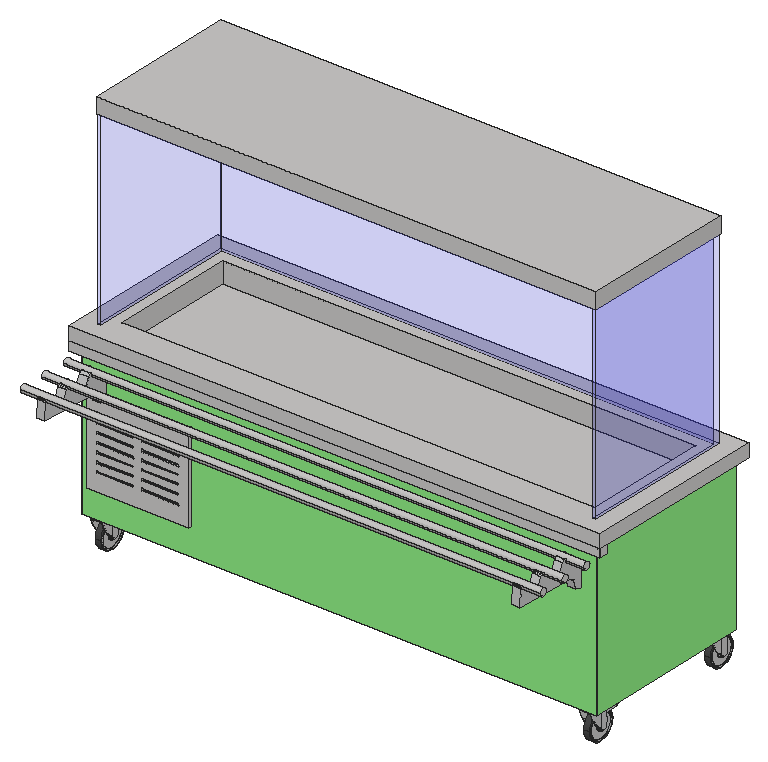
Revit family "QF_BOURGEAT_Self_5GN_et_6GN_vitrine_refrigeree_3nv", category Equipement spécialisé, Revit 2015
Parameters (values of type "6GN_reserve_cuve90_roues")
  reserve = yes
  profondeur_cuve = 90 mm
  lg_vitrine = Longueur hors tout - 135 mm  # 2200 mm
  lg_porte_groupe_froid = 790 mm
  cuve_plate = yes
  URL catalogue = "http://www.bourgeat.fr/fr/"
  URL = ""
  Type de Raccord Electrique = ""
  Type article = ""
  Type Fluide Frigorigène = "R404a"
  Tension = 230 V
  Spécification du Fabricant = "vitrine réfrigérée 3 niveaux OASIS"
  Roues = yes
  Remarques Electricité = ""
  Puissance électrique  = 2700 W
  Puissance frigorifique = "2126W"
  Profondeur hors tout = 820 mm
  Poids net à vide = 380.00 kg
  Pieds = no
  Phase = 2
  Niveau Sonore = "60dBa"
  Nature isolant = "polyurethane"
  Modèle = "853496 + 854950"
  Longueur hors tout = 2335 mm
  Intensité nominale = 11.7391 A
  Indice de protection = "21"
  Hauteur hors tout = 1800 mm
  Fréquence = 50 Hz
  Fabricant = "BOURGEAT"
  Etageres = no
  Contact SAV = "0033(0)4.76.32.14.44"
  Classe_climatique = "3"
  Charge_gaz = ""
  Charge max = 200.00 kg
  Certification = "NF alimentaire"
Reference planes
  plane 1 "Centre (avant/arrière)": y = 0
  plane 2: z = 0
  plane 3 "Centre (gauche/droite)": x = 0
  plane 4: z = 640
  plane 5: x = -100
  plane 6: y = 715
  plane 7: y = 50
  plane 8: z = 515
  plane 9: z = 235
  plane 10: z = 250
  plane 11: z = 808
  plane 12: y = 535.5
Forms (mm)
  Extrusion 1, solid
    sketch origin (0, 0, 0) x (1, 0, 0) y (0, 1, 0)
      loop
        circle (-2231, 535.5) r 10
    from 156.572 to 160
Lines and regions (mm)
  symbolic lines
    curve 1: line (-1321.5, 818, 0) -> (-1321.5, 1334, 0)
    curve 2: line (-237.5, 818, 0) -> (-237.5, 1334, 0)
    curve 3: arc (-1321.5, 1334, 0) -> (-956.633, 1182.867, 0) -> (-805.5, 818, 0) r 516
    curve 4: arc (-753.5, 818, 0) -> (-602.367, 1182.867, 0) -> (-237.5, 1334, 0) r 516
Dimensions and locks
  plane 4 to plane 2 = 640 mm
  locked: nested 1 to plane 6 at 50
  locked: nested 1 to plane 7 at 50
  locked: plane 5 to plane 3 "Centre (gauche/droite)" at 100
  locked: plane 9 to plane 2 at 235
  locked: plane 8 to plane 2 at 515
  locked: plane 10 to plane 2 at 250
  locked: plane 11 to nested 3 at 32
  locked: nested 1 to nested 12 at 63
  locked: nested 14 to nested 12 at 50
  locked: nested 1 to nested 11 at 30
  locked: nested 1 to nested 19 at 20
  locked: nested 19 to plane 2 at 205
  locked: nested 3 to plane 12 at 257
  aligned and locked: level to plane 2
  aligned and locked: nested 1 to nested 2
  aligned and locked: nested 2 to nested 1
  aligned and locked: nested 3 to nested 1
  aligned and locked: nested 1 to nested 3
  aligned and locked: nested 1 to plane 1 "Centre (avant/arrière)"
  aligned and locked: nested 3 to nested 2
  aligned and locked: nested 2 to nested 4
  aligned and locked: nested 4 to nested 1
  aligned and locked: nested 5 to plane 2
  aligned and locked: nested 6 to plane 2
  aligned and locked: nested 7 to plane 2
  aligned and locked: nested 8 to plane 2
  aligned and locked: plane 4 to nested 4
  aligned and locked: nested 2 to nested 3
  aligned and locked: nested 5 to plane 6
  aligned and locked: nested 6 to plane 7
  aligned and locked: nested 7 to plane 6
  aligned and locked: plane 5 to nested 7
  aligned and locked: plane 5 to nested 8
  aligned and locked: nested 8 to plane 7
  aligned and locked: nested 9 to nested 1
  aligned and locked: nested 10 to nested 1
  aligned and locked: nested 10 to plane 8
  aligned and locked: nested 1 to nested 10
  aligned and locked: nested 9 to plane 9
  aligned and locked: nested 1 to nested 9
  aligned and locked: nested 4 to plane 1 "Centre (avant/arrière)"
  aligned and locked: nested 2 to nested 5
  aligned and locked: nested 6 to nested 2
  aligned and locked: plane 3 "Centre (gauche/droite)" to nested 3
  aligned and locked: nested 12 to plane 11
  aligned and locked: nested 1 to nested 12
  aligned and locked: nested 1 to nested 13
  aligned and locked: nested 13 to nested 10
  aligned and locked: nested 13 to nested 1
  aligned and locked: nested 14 to nested 12
  aligned and locked: nested 17 to nested 5
  aligned and locked: nested 6 to nested 17
  aligned and locked: nested 5 to nested 18  (x2)
  aligned and locked: nested 8 to nested 16
  aligned and locked: nested 7 to nested 15  (x2)
  aligned and locked: nested 19 to nested 1
  aligned and locked: nested 11 to nested 1
  aligned and locked: nested 1 to Extrusion 1 sketch curve
  aligned and locked: Extrusion 1 sketch curve to plane 12
Nested families
  nested 1: "corps_meuble" at (-34, 0, 160), type "corps_meuble"
  nested 2: "Ensemble_vitrine" at (-1167.5, 382.5, 900), type "Ensemble_vitrine"
  nested 3: "cuve" at (-1167.5, 382.5, 808), type "cuve_air"
    with profondeur_cuve 90 mm, lg_cuve 2335 mm
  nested 4: "barre_et_console" at (-1167.5, 0, 465) x (-1, 0, 0) z (0, 0, 1), type "barre_et_console"
  nested 5: "pied" at (-2251.5, 715, 0), visible <- "Pieds", type "pied"
  nested 6: "pied" at (-2251.5, 50, 0), visible <- "Pieds", type "pied"
  nested 7: "pied" at (-100, 715, 0), visible <- "Pieds", type "pied"
  nested 8: "pied" at (-100, 50, 0), visible <- "Pieds", type "pied"
  nested 9: "etagere" at (-779.5, 80, 197) x (-1, 0, 0) z (0, 0, 1), type "etagere"
  nested 10: "etagere" at (-779.5, 80, 477) x (-1, 0, 0) z (0, 0, 1), type "etagere"
  nested 11: "grille_condenseur" at (-2046, 0, 60), type "grille_condenseur"
  nested 12: "IHM" at (-2143.5, 765, 770) x (-1, 0, 0) z (0, 0, 1), type "IHM"
  nested 13: "Bloc_porte" at (-779.5, 765, 14) x (-1, 0, 0) z (0, 0, 1), visible <- "reserve", type "Bloc_porte"
  nested 14: "IHM" at (-1904.5, 765, 770) x (-1, 0, 0) z (0, 0, 1), visible <- "reserve", type "IHM"
  nested 15: "roue_ht160" at (-100, 715, 0), visible <- "Roues", type "roue_ht160"
    with Sans frein yes, Avec frein no
  nested 16: "roue_ht160" at (-100, 50, 0), visible <- "Roues", type "roue_ht160"
    with Sans frein yes, Avec frein yes
  nested 17: "roue_ht160" at (-2251.5, 50, 0), visible <- "Roues", type "roue_ht160"
    with Sans frein yes, Avec frein yes
  nested 18: "roue_ht160" at (-2251.5, 715, 0), visible <- "Roues", type "roue_ht160"
    with Sans frein yes, Avec frein no
  nested 19: "porte_groupe_froid" at (-1886, 775, 35), type "lg790"
Connectors
  electrical at (-2231, 535.5, 156.572), driven by "Tension"
    settings: on Extrusion 1, index 1, voltage 230 V, apparent load 0 VA, apparent load phase1 2700 VA, apparent load phase2 0 VA, apparent load phase3 0 VA, power factor 1, load classification "Autre", number of poles 2, system type 30, power factor state 1, is connector primary yes, connector utility no, sub classification motor no, connector description ""
Definition of nested family "corps_meuble"
  Parameters (values of type "corps_meuble")
    lg_ouverture_cuve = lg_meuble - 200 mm  # 2067 mm
    lg_meuble = Largeur_hors_tout - 68 mm  # 2267 mm
    larg_etagere = 1085 mm
    Largeur_hors_tout = 2335 mm
  Reference planes
    plane 1 "Centre (avant/arrière)": y = 0
    plane 2: z = 0
    plane 3 "Centre (gauche/droite)": x = 0
    plane 4: z = 680
    plane 5: x = -1133.5
    plane 6: x = 0
    plane 7: x = -2267
    plane 8: x = -2197
    plane 9: x = -70
    plane 10: x = -1288
    plane 11: x = -203
    plane 12: y = 382.5
    plane 13: x = -2268
    plane 14: y = -1
    plane 15: x = 1
  Forms (mm)
    Extrusion 1, solid
      sketch origin (0, -50.814, 0) x (1, 0, 0) y (0, 1, 0)
        loop
          line (-2267, 815.814) -> (-2267, 50.814) -> (0, 50.814) -> (0, 815.814) -> (-203, 815.814) -> (-203, 130.814) -> (-1288, 130.814) -> (-1288, 815.814) -> (-2267, 815.814)
      from 0 to 680
    Extrusion 2, void
      sketch origin (0, 0, 0) x (1, 0, 0) y (0, 1, 0)
        loop
          line (-2197, 739.99) -> (-2197, 59.99) -> (-70, 59.99) -> (-70, 739.99) -> (-2197, 739.99)
      from 611.642 to 680
    Extrusion 3, solid
      sketch origin (0, 0, 0) x (1, 0, 0) y (0, 1, 0)
        loop
          line (1, -1) -> (1, 0) -> (-2268, 0) -> (-2268, -1) -> (1, -1)
      from 0 to 680
    Extrusion 4, solid
      sketch origin (0, 0, 0) x (1, 0, 0) y (0, 1, 0)
        loop
          line (1, 0) -> (1, 765) -> (0, 765) -> (0, 0) -> (1, 0)
        loop
          line (-2268, 0) -> (-2267, 0) -> (-2267, 765) -> (-2268, 765) -> (-2268, 0)
      from 0 to 680
  Cuts and joins
    Extrusion 2 cuts Extrusion 1
  Dimensions and locks
    locked: plane 4 to plane 2 at 680
    locked: plane 7 to plane 8 at 70
    "lg_meuble": plane 7 to plane 3 "Centre (gauche/droite)"
    equal spacing: plane 7, plane 5, plane 3 "Centre (gauche/droite)"
    locked: plane 11 to plane 3 "Centre (gauche/droite)" at 203
    locked: plane 9 to plane 3 "Centre (gauche/droite)" at 70
    "larg_etagere": plane 10 to plane 11
    locked: plane 3 "Centre (gauche/droite)" to plane 15 at 1
    locked: plane 13 to plane 7 at 1
    aligned and locked: level to plane 2
    aligned and locked: Extrusion 1 sketch curve to Extrusion 1 sketch curve
    aligned and locked: plane 4 to Extrusion 1
    aligned and locked: plane 3 "Centre (gauche/droite)" to plane 6
    aligned and locked: plane 9 to Extrusion 2
    aligned and locked: plane 3 "Centre (gauche/droite)" to cut or joined group of Extrusion 1, Extrusion 2
    aligned and locked: cut or joined group of Extrusion 1, Extrusion 2 to plane 7
    aligned and locked: cut or joined group of Extrusion 1, Extrusion 2 to plane 8
    aligned and locked: plane 10 to cut or joined group of Extrusion 1, Extrusion 2
    aligned and locked: cut or joined group of Extrusion 1, Extrusion 2 to plane 11
    aligned and locked: nested 1 to cut or joined group of Extrusion 1, Extrusion 2
    aligned and locked: plane 11 to nested 1
    aligned and locked: plane 4 to nested 1
    aligned and locked: plane 14 to Extrusion 3 sketch curve
    aligned and locked: Extrusion 3 sketch curve to cut or joined group of Extrusion 1, Extrusion 2
    aligned and locked: plane 13 to Extrusion 3 sketch curve
    aligned and locked: plane 15 to Extrusion 3 sketch curve
    aligned and locked: Extrusion 4 sketch curve to Extrusion 3  (x2)
    aligned and locked: Extrusion 4 sketch curve to cut or joined group of Extrusion 1, Extrusion 2  (x4)
    aligned and locked: Extrusion 4 sketch curve to plane 1 "Centre (avant/arrière)"
    aligned and locked: cut or joined group of Extrusion 1, Extrusion 2 to Extrusion 4 sketch curve
    aligned and locked: Extrusion 4 to Extrusion 3
    aligned and locked: plane 4 to Extrusion 3
  Automatic sketch dimensions
    Extrusion 1 sketch curve to plane 1 "Centre (avant/arrière)" = 0 mm
    Extrusion 1 sketch curve to Extrusion 1 sketch curve = 685 mm
    Extrusion 1 sketch curve to plane 3 "Centre (gauche/droite)" = 0 mm
    Extrusion 1 sketch curve to plane 5 = 154.5 mm
    Extrusion 1 sketch curve to plane 5 = 1133.5 mm
    Extrusion 1 sketch curve to plane 1 "Centre (avant/arrière)" = 80 mm
    Extrusion 1 sketch curve to Extrusion 1 sketch curve = 765 mm
    Extrusion 1 sketch curve to plane 9 = 133 mm
    Extrusion 2 sketch curve to plane 8 = 0 mm
    Extrusion 2 sketch curve to plane 9 = 0 mm
    Extrusion 2 sketch curve to plane 1 "Centre (avant/arrière)" = 59.99 mm
    plane 12 to Extrusion 2 sketch curve = 357.49 mm
  Nested families
    nested 1: "bandeau_h228" at (-745.5, 760, 597), type "bandeau_h228"
  Definition of nested family "bandeau_h228"
    Parameters (values of type "bandeau_h228")
      lg_bandeau = 1085 mm
    Reference planes
      plane 1 "Centre (avant/arrière)": y = 0
      plane 2: z = 0
      plane 3 "Centre (gauche/droite)": x = 0
      plane 4: x = -542.5
      plane 5: x = 542.5
      plane 6: y = 5
      plane 7: z = 83
    Forms (mm)
      Extrusion 1, solid
        sketch origin (476, 10, 0) x (1, 0, 0) y (0, 1, 0)
          loop
            line (-1018.5, -10) -> (66.5, -10) -> (66.5, -5) -> (-1018.5, -5) -> (-1018.5, -10)
        from 0 to 83
    Dimensions and locks
      locked: plane 7 to plane 2 at 83
      locked: plane 1 "Centre (avant/arrière)" to plane 6 at 5
      "lg_bandeau": plane 4 to plane 5
      equal spacing: plane 4, plane 3 "Centre (gauche/droite)", plane 5
      aligned and locked: level to plane 2
      aligned and locked: Extrusion 1 to plane 4
      aligned and locked: plane 5 to Extrusion 1
      aligned and locked: Extrusion 1 to plane 6
      aligned and locked: plane 7 to Extrusion 1
      aligned and locked: plane 1 "Centre (avant/arrière)" to Extrusion 1
    Automatic sketch dimensions
      Extrusion 1 sketch curve to plane 4 = 0 mm
      Extrusion 1 sketch curve to plane 5 = 0 mm
      plane 1 "Centre (avant/arrière)" to Extrusion 1 sketch curve = 0 mm
      Extrusion 1 sketch curve to plane 6 = 0 mm
Definition of nested family "Ensemble_vitrine"
  Parameters (values of type "Ensemble_vitrine")
    lg_vitrine = lg_dessus_vitrine - 4 mm  # 2196 mm
    lg_dessus_vitrine = 2200 mm
  Reference planes
    plane 1 "Centre (avant/arrière)": y = 0
    plane 2: z = 0
    plane 3 "Centre (gauche/droite)": x = 0
    plane 4: x = 1100
    plane 5: x = -1100
    plane 6: z = 900
  Dimensions and locks
    "lg_dessus_vitrine": plane 5 to plane 4
    equal spacing: plane 5, plane 3 "Centre (gauche/droite)", plane 4
    plane 6 to plane 2 = 900 mm
    aligned and locked: level to plane 2
    aligned and locked: plane 3 "Centre (gauche/droite)" to nested 1
    aligned and locked: plane 3 "Centre (gauche/droite)" to nested 2
    aligned and locked: nested 2 to nested 1
    aligned and locked: nested 1 to plane 2
    aligned and locked: plane 6 to nested 2
  Nested families
    nested 1: "Vitrine" at (0, 0, 0), type "Vitrine"
      with lg_vitrine 2196 mm
    nested 2: "Dessus" at (0, 0, 830), type "Dessus"
  Definition of nested family "Vitrine"
    Parameters (values of type "Vitrine")
      lg_vitrine = 2496 mm
    Reference planes
      plane 1 "Centre (avant/arrière)": y = 0
      plane 2: z = 0
      plane 3 "Centre (gauche/droite)": x = 0
      plane 4: y = 340
      plane 5: y = -340
      plane 6: x = 1248
      plane 7: x = -1248
      plane 8: x = 1234
      plane 9: x = -1234
      plane 10: y = 326
      plane 11: z = 830
    Forms (mm)
      Extrusion 1, solid
        sketch origin (0, 0, 0) x (1, 0, 0) y (0, 1, 0)
          loop
            line (-1234, -340) -> (-1234, 326) -> (1234, 326) -> (1234, -340) -> (1248, -340) -> (1248, 340) -> (-1248, 340) -> (-1248, -340) -> (-1234, -340)
        from 0 to 830
    Dimensions and locks
      locked: plane 7 to plane 9 at 14
      locked: plane 4 to plane 10 at 14
      locked: plane 8 to plane 6 at 14
      equal spacing: plane 7, plane 3 "Centre (gauche/droite)", plane 6
      "lg_vitrine": plane 7 to plane 6
      equal spacing: plane 4, plane 1 "Centre (avant/arrière)", plane 5
      plane 4 to plane 5 = 680 mm
      plane 11 to plane 2 = 830 mm
      aligned and locked: level to plane 2
      aligned and locked: plane 9 to Extrusion 1 sketch curve  (x2)
      aligned and locked: Extrusion 1 sketch curve to plane 5  (x2)
      aligned and locked: Extrusion 1 sketch curve to plane 7
      aligned and locked: Extrusion 1 sketch curve to plane 4
      aligned and locked: Extrusion 1 sketch curve to plane 6
      aligned and locked: plane 8 to Extrusion 1 sketch curve
      aligned and locked: Extrusion 1 sketch curve to plane 10
      aligned and locked: plane 11 to Extrusion 1
  Definition of nested family "Dessus"
    Parameters (values of type "Dessus")
      lg_dessus_vitrine = 2200 mm
    Reference planes
      plane 1 "Centre (avant/arrière)": y = 0
      plane 2: z = 0
      plane 3 "Centre (gauche/droite)": x = 0
      plane 4: x = 1100
      plane 5: x = -1100
      plane 6: z = 70
    Forms (mm)
      Extrusion 1, solid
        sketch origin (0, 0, 0) x (1, 0, 0) y (0, 1, 0)
          loop
            line (-1100, 342.5) -> (-1100, -342.5) -> (1100, -342.5) -> (1100, 342.5) -> (-1100, 342.5)
        from 0 to 70
    Dimensions and locks
      equal spacing: plane 5, plane 3 "Centre (gauche/droite)", plane 4
      plane 6 to plane 2 = 70 mm
      "lg_dessus_vitrine": plane 5 to plane 4
      aligned and locked: level to plane 2
      aligned and locked: plane 6 to Extrusion 1
    Automatic sketch dimensions
      Extrusion 1 sketch curve to plane 5 = 0 mm
      Extrusion 1 sketch curve to plane 4 = 0 mm
      Extrusion 1 sketch curve to plane 1 "Centre (avant/arrière)" = 342.5 mm
      plane 1 "Centre (avant/arrière)" to Extrusion 1 sketch curve = 342.5 mm
Definition of nested family "cuve"
  Parameters (values of type "cuve_30")
    profondeur_cuve = 30 mm
    lg_cuve = 2184 mm
  Reference planes
    plane 1 "Centre (avant/arrière)": y = 0
    plane 2: z = 0
    plane 3 "Centre (gauche/droite)": x = 0
    plane 4: y = 410
    plane 5: y = -410
    plane 6: x = -1092
    plane 7: x = 1092
    plane 8: z = 92
    plane 9: y = 277
    plane 10: y = -277
    plane 11: x = 965
    plane 12: x = -965
    plane 13: z = 62
    plane 14: y = -279
    plane 15: x = -967
    plane 16: y = 279
    plane 17: x = 967
    plane 18: z = 32
    plane 19: y = -408
    plane 20: z = 82
    plane 21: z = -4
  Forms (mm)
    Extrusion 1, solid
      sketch origin (12, -10, 0) x (1, 0, 0) y (0, 1, 0)
        loop
          line (-1104, 420) -> (-1104, -400) -> (1080, -400) -> (1080, 420) -> (-1104, 420)
      from 0 to 92
    Extrusion 2, void
      sketch origin (0, 0, 0) x (1, 0, 0) y (0, 1, 0)
        loop
          line (-965, 277) -> (-965, -277) -> (965, -277) -> (965, 277) -> (-965, 277)
      from 62 to 250
    Extrusion 3, void
      sketch origin (0, 0, 0) x (1, 0, 0) y (0, 1, 0)
        loop
          line (-967, 279) -> (-967, -279) -> (967, -279) -> (967, 279) -> (-967, 279)
        loop
          line (-1162, 480) -> (-1162, -480) -> (1162, -480) -> (1162, 480) -> (-1162, 480)
      from 0 to 32
    Extrusion 4, solid
      sketch origin (0, 0, 0) x (1, 0, 0) y (0, 1, 0)
        loop
          line (-1092, -408) -> (-1092, -410) -> (1092, -410) -> (1092, -408) -> (-1092, -408)
      from -4 to 32
    Extrusion 5, solid
      sketch origin (0, 0, 0) x (0, 1, 0) y (0, 0, 1)
        loop
          line (-408, -4) -> (-370, -4) -> (-370, 32) -> (-408, 32) -> (-408, -4)
      from -1092 to 1092
  Cuts and joins
    Extrusion 2, Extrusion 3 cuts Extrusion 1
  Dimensions and locks
    equal spacing: plane 4, plane 1 "Centre (avant/arrière)", plane 5, locked at 410 each
    plane 4 to plane 5 = 820 mm
    equal spacing: plane 6, plane 3 "Centre (gauche/droite)", plane 7
    "lg_cuve": plane 6 to plane 7
    plane 8 to plane 2 = 92 mm
    locked: plane 5 to plane 10 at 133
    locked: plane 4 to plane 9 at 133
    locked: plane 11 to plane 7 at 127
    locked: plane 6 to plane 12 at 127
    locked: plane 16 to plane 9 at 2
    locked: plane 15 to plane 12 at 2
    locked: plane 14 to plane 10 at 2
    locked: plane 11 to plane 17 at 2
    locked: Extrusion 3 sketch curve to plane 6 at 70
    locked: Extrusion 3 sketch curve to plane 5 at 70
    locked: plane 7 to Extrusion 3 sketch curve at 70
    locked: Extrusion 3 sketch curve to plane 4 at 70
    locked: plane 8 to plane 18 at 60
    locked: plane 5 to plane 19 at 2
    locked: plane 21 to plane 18 at 36
    locked: cut or joined group of Extrusion 1, Extrusion 2, Extrusion 3 to cut or joined group of Extrusion 1, Extrusion 2, Extrusion 3 at 554
    "profondeur_cuve": plane 8 to plane 13
    aligned and locked: plane 2 to level
    aligned and locked: plane 6 to Extrusion 1 sketch curve
    aligned and locked: Extrusion 1 sketch curve to plane 7
    aligned and locked: plane 8 to Extrusion 1
    aligned and locked: plane 4 to Extrusion 1
    aligned and locked: plane 5 to Extrusion 1
    aligned and locked: Extrusion 2 sketch curve to plane 9
    aligned and locked: Extrusion 2 sketch curve to plane 12
    aligned and locked: Extrusion 2 sketch curve to plane 10
    aligned and locked: Extrusion 2 sketch curve to plane 11
    aligned and locked: cut or joined group of Extrusion 1, Extrusion 2, Extrusion 3 to plane 13
    aligned and locked: Extrusion 3 sketch curve to plane 16
    aligned and locked: Extrusion 3 sketch curve to plane 15
    aligned and locked: Extrusion 3 sketch curve to plane 14
    aligned and locked: Extrusion 3 sketch curve to plane 17
    aligned and locked: cut or joined group of Extrusion 1, Extrusion 2, Extrusion 3 to plane 18
    aligned and locked: Extrusion 4 sketch curve to plane 19
    aligned and locked: plane 6 to Extrusion 4 sketch curve
    aligned and locked: Extrusion 4 sketch curve to cut or joined group of Extrusion 1, Extrusion 2, Extrusion 3  (x2)
    aligned and locked: cut or joined group of Extrusion 1, Extrusion 2, Extrusion 3 to Extrusion 4
    aligned and locked: plane 18 to Extrusion 5 sketch curve
    aligned and locked: Extrusion 4 to Extrusion 5 sketch curve
    aligned and locked: cut or joined group of Extrusion 1, Extrusion 2, Extrusion 3 to Extrusion 5
    aligned and locked: Extrusion 5 to cut or joined group of Extrusion 1, Extrusion 2, Extrusion 3
    aligned and locked: plane 21 to Extrusion 5 sketch curve
    aligned and locked: Extrusion 4 to Extrusion 5
  Automatic sketch dimensions
    Extrusion 1 sketch curve to plane 5 = 0 mm
    plane 4 to Extrusion 1 sketch curve = 0 mm
    Extrusion 5 sketch curve to plane 5 = 2 mm
    Extrusion 5 sketch curve to Extrusion 5 sketch curve = 38 mm
Definition of nested family "barre_et_console"
  Parameters (values of type "barre_et_console")
    lg_ht = 2335 mm
    lg_barre_console = lg_ht - 44 mm  # 2291 mm
  Reference planes
    plane 1 "Centre (avant/arrière)": y = 0
    plane 2: z = 0
    plane 3 "Centre (gauche/droite)": x = 0
    plane 4: x = -1145.5
    plane 5: x = 1145.5
    plane 6: x = -1045.5
    plane 7: x = 1045.5
    plane 8: z = 320.378
    plane 9: z = 175
  Dimensions and locks
    locked: plane 4 to plane 6 at 100
    locked: plane 7 to plane 5 at 100
    equal spacing: plane 4, plane 3 "Centre (gauche/droite)", plane 5
    "lg_barre_console": plane 4 to plane 5
    aligned and locked: level to plane 2
    aligned and locked: nested 1 to plane 1 "Centre (avant/arrière)"
    aligned and locked: plane 6 to nested 1
    aligned and locked: plane 7 to nested 2
    aligned and locked: plane 5 to nested 3
    aligned and locked: nested 3 to plane 4
    aligned and locked: plane 8 to nested 3
    aligned and locked: plane 9 to nested 1
  Nested families
    nested 1: "console" at (-1045.5, 0, 0) x (0, 1, 0) z (0, 0, 1), type "console"
    nested 2: "console" at (1045.5, 0, 0) x (0, 1, 0) z (0, 0, 1), type "console"
    nested 3: "barre" at (1145.5, 0, 19.415) x (0, 1, 0) z (0, 0, 1), type "barre"
  Definition of nested family "console"
    Reference planes
      plane 1 "Centre (avant/arrière)": y = 0
      plane 2: z = 0
      plane 3 "Centre (gauche/droite)": x = 0
      plane 4: y = 18
      plane 5: y = -18
      plane 6: y = 0
    Forms (mm)
      Extrusion 1, solid
        sketch origin (-12.245, 0, 175) x (1, 0, 0) y (0, 0, 1)
          loop
            line (12.245, 100) -> (12.245, 0) -> (39.579, 4.82) -> (50.894, 44.279)
            arc (50.894, 44.279) -> (55.986, 52.254) -> (64.592, 56.187) r 16.714
            line (64.592, 56.187) -> (348.499, 69.146) -> (343.309, 143.358)
            arc (343.309, 143.358) -> (342.973, 144.595) -> (342.189, 145.609) r 3.292
            line (342.189, 145.609) -> (337.923, 148.439)
            arc (337.923, 148.439) -> (337.371, 148.545) -> (336.906, 148.229) r 0.731
            arc (336.906, 148.229) -> (320.176, 130.386) -> (309.012, 152.149) r 14.958
            arc (309.012, 152.149) -> (308.597, 152.587) -> (308.001, 152.491) r 0.646
            line (308.001, 152.491) -> (297.265, 144.401) -> (278.874, 108.385)
            arc (278.874, 108.385) -> (262.102, 99.164) -> (245.329, 108.385) r 19.864
            line (245.329, 108.385) -> (229.634, 139.188) -> (217.945, 148.321)
            arc (217.945, 148.321) -> (217.306, 148.53) -> (216.976, 147.944) r 0.53
            arc (216.976, 147.944) -> (200.124, 130.629) -> (188.973, 152.064) r 14.905
            arc (188.973, 152.064) -> (188.691, 152.524) -> (188.154, 152.476) r 0.511
            line (188.154, 152.476) -> (177.098, 144.144) -> (158.855, 108.341)
            arc (158.855, 108.341) -> (142.039, 98.901) -> (125.223, 108.341) r 19.698
            line (125.223, 108.341) -> (109.334, 139.526) -> (97.932, 148.434)
            arc (97.932, 148.434) -> (97.187, 148.438) -> (96.994, 147.718) r 0.61
            arc (96.994, 147.718) -> (79.923, 130.663) -> (69.024, 152.192) r 14.902
            arc (69.024, 152.192) -> (68.66, 152.548) -> (68.158, 152.464) r 0.563
            line (68.158, 152.464) -> (57.103, 144.336) -> (39.164, 108.745)
            arc (39.164, 108.745) -> (33.443, 102.448) -> (25.295, 100) r 15.908
            line (25.295, 100) -> (12.245, 100)
        from -18 to 18
    Dimensions and locks
      plane 4 to plane 5 = 36 mm
      equal spacing: plane 4, plane 6, plane 5, locked at 18 each
      aligned and locked: level to plane 2
      aligned and locked: plane 4 to Extrusion 1
      aligned and locked: Extrusion 1 to plane 5
      aligned and locked: plane 6 to plane 1 "Centre (avant/arrière)"
      aligned and locked: Extrusion 1 to plane 3 "Centre (gauche/droite)"
    Automatic sketch dimensions
      Extrusion 1 sketch curve to Extrusion 1 sketch curve = 12.714 mm
      Extrusion 1 sketch curve to Extrusion 1 sketch curve = 13.05 mm
      Extrusion 1 sketch curve to Extrusion 1 sketch curve = 14.206 mm
      Extrusion 1 sketch curve to Extrusion 1 sketch curve = 27.334 mm
      Extrusion 1 sketch curve to Extrusion 1 sketch curve = 11.315 mm
      Extrusion 1 sketch curve to Extrusion 1 sketch curve = 17.938 mm
      Extrusion 1 sketch curve to Extrusion 1 sketch curve = 13.698 mm
      Extrusion 1 sketch curve to Extrusion 1 sketch curve = 16.057 mm
      Extrusion 1 sketch curve to Extrusion 1 sketch curve = 11.055 mm
      Extrusion 1 sketch curve to Extrusion 1 sketch curve = 0.333 mm
      Extrusion 1 sketch curve to Extrusion 1 sketch curve = 13.785 mm
      Extrusion 1 sketch curve to Extrusion 1 sketch curve = 15.28 mm
      Extrusion 1 sketch curve to Extrusion 1 sketch curve = 0.376 mm
      Extrusion 1 sketch curve to Extrusion 1 sketch curve = 11.401 mm
      Extrusion 1 sketch curve to Extrusion 1 sketch curve = 15.89 mm
      Extrusion 1 sketch curve to Extrusion 1 sketch curve = 16.816 mm  (x2)
      Extrusion 1 sketch curve to Extrusion 1 sketch curve = 18.243 mm
      Extrusion 1 sketch curve to Extrusion 1 sketch curve = 11.057 mm
      Extrusion 1 sketch curve to Extrusion 1 sketch curve = 0.308 mm
      Extrusion 1 sketch curve to Extrusion 1 sketch curve = 13.831 mm
      Extrusion 1 sketch curve to Extrusion 1 sketch curve = 15.204 mm
      Extrusion 1 sketch curve to Extrusion 1 sketch curve = 0.447 mm
      Extrusion 1 sketch curve to Extrusion 1 sketch curve = 11.69 mm
      Extrusion 1 sketch curve to Extrusion 1 sketch curve = 15.695 mm
      Extrusion 1 sketch curve to Extrusion 1 sketch curve = 16.772 mm  (x2)
      Extrusion 1 sketch curve to Extrusion 1 sketch curve = 18.391 mm
      Extrusion 1 sketch curve to Extrusion 1 sketch curve = 10.737 mm
      Extrusion 1 sketch curve to Extrusion 1 sketch curve = 0.389 mm
      Extrusion 1 sketch curve to Extrusion 1 sketch curve = 13.868 mm
      Extrusion 1 sketch curve to Extrusion 1 sketch curve = 15.261 mm
      Extrusion 1 sketch curve to Extrusion 1 sketch curve = 0.404 mm
      Extrusion 1 sketch curve to Extrusion 1 sketch curve = 2.506 mm
      Extrusion 1 sketch curve to Extrusion 1 sketch curve = 2.164 mm
      Extrusion 1 sketch curve to Extrusion 1 sketch curve = 1.12 mm
      Extrusion 1 sketch curve to Extrusion 1 sketch curve = 5.189 mm
      Extrusion 1 sketch curve to Extrusion 1 sketch curve = 4.639 mm
      Extrusion 1 sketch curve to Extrusion 1 sketch curve = 55.721 mm
      Extrusion 1 sketch curve to Extrusion 1 sketch curve = 8.745 mm
      Extrusion 1 sketch curve to Extrusion 1 sketch curve = 10.259 mm
      Extrusion 1 sketch curve to Extrusion 1 sketch curve = 10.642 mm
      Extrusion 1 sketch curve to Extrusion 1 sketch curve = 9.133 mm
      Extrusion 1 sketch curve to Extrusion 1 sketch curve = 31.185 mm
      Extrusion 1 sketch curve to Extrusion 1 sketch curve = 35.803 mm
      Extrusion 1 sketch curve to Extrusion 1 sketch curve = 35.592 mm
      Extrusion 1 sketch curve to Extrusion 1 sketch curve = 3.24 mm
      Extrusion 1 sketch curve to Extrusion 1 sketch curve = 2.946 mm
      Extrusion 1 sketch curve to Extrusion 1 sketch curve = 1.042 mm
      Extrusion 1 sketch curve to Extrusion 1 sketch curve = 0.609 mm
      Extrusion 1 sketch curve to Extrusion 1 sketch curve = 8.427 mm
      Extrusion 1 sketch curve to Extrusion 1 sketch curve = 0.286 mm
      Extrusion 1 sketch curve to Extrusion 1 sketch curve = 0.481 mm
      Extrusion 1 sketch curve to Extrusion 1 sketch curve = 0.516 mm
      Extrusion 1 sketch curve to Extrusion 1 sketch curve = 7.674 mm
      Extrusion 1 sketch curve to Extrusion 1 sketch curve = 7.924 mm
      Extrusion 1 sketch curve to Extrusion 1 sketch curve = 0.453 mm
      Extrusion 1 sketch curve to Extrusion 1 sketch curve = 0.408 mm
      Extrusion 1 sketch curve to Extrusion 1 sketch curve = 0.533 mm
      Extrusion 1 sketch curve to Extrusion 1 sketch curve = 0.511 mm
      Extrusion 1 sketch curve to Extrusion 1 sketch curve = 0.622 mm
      Extrusion 1 sketch curve to Extrusion 1 sketch curve = 4.82 mm
      Extrusion 1 sketch curve to Extrusion 1 sketch curve = 34.82 mm
      Extrusion 1 sketch curve to Extrusion 1 sketch curve = 76.232 mm
      Extrusion 1 sketch curve to Extrusion 1 sketch curve = 37.038 mm
      Extrusion 1 sketch curve to Extrusion 1 sketch curve = 39.239 mm
      Extrusion 1 sketch curve to Extrusion 1 sketch curve = 30.803 mm
      Extrusion 1 sketch curve to Extrusion 1 sketch curve = 34.743 mm
      Extrusion 1 sketch curve to Extrusion 1 sketch curve = 0.23 mm
      Extrusion 1 sketch curve to Extrusion 1 sketch curve = 36.015 mm
      Extrusion 1 sketch curve to Extrusion 1 sketch curve = 2.071 mm
      Extrusion 1 sketch curve to Extrusion 1 sketch curve = 7.575 mm
      Extrusion 1 sketch curve to plane 3 "Centre (gauche/droite)" = 0 mm
      level to Extrusion 1 sketch curve = 175 mm
  Definition of nested family "barre"
    Parameters (values of type "barre")
      lg_barre = 2291 mm
    Reference planes
      plane 1 "Centre (avant/arrière)": y = 0
      plane 2: z = 0
      plane 3 "Centre (gauche/droite)": x = 0
      plane 4: x = 70
      plane 5: x = 190
      plane 6: x = 309
      plane 7: z = 300.963
      plane 8: z = 94.658
      plane 9: y = 0
      plane 10: y = 2291
    Forms (mm)
      Extrusion 1, solid
        sketch origin (0, 0, 0) x (1, 0, 0) y (0, 0, 1)
          loop
            circle (70, 300.963) r 15
          loop
            circle (190, 300.963) r 15
          loop
            circle (309, 300.963) r 15
        from 0 to -2291
    Dimensions and locks
      plane 4 to plane 3 "Centre (gauche/droite)" = 70 mm
      plane 6 to plane 5 to plane 4 = 119 mm, 120 mm
      "lg_barre": plane 10 to plane 1 "Centre (avant/arrière)"
      aligned and locked: level to plane 2
      aligned and locked: Extrusion 1 to plane 9
      aligned and locked: plane 9 to plane 1 "Centre (avant/arrière)"
      aligned and locked: plane 10 to Extrusion 1
    Automatic sketch dimensions
      Extrusion 1 sketch curve to plane 4 = 0 mm
      Extrusion 1 sketch curve to plane 5 = 0 mm
      Extrusion 1 sketch curve to plane 6 = 0 mm
      Extrusion 1 sketch curve to plane 7 = 0 mm  (x3)
      radius of Extrusion 1 sketch curve = 15 mm  (x3)
Definition of nested family "pied"
  Reference planes
    plane 1 "Centre (avant/arrière)": y = 0
    plane 2: z = 0
    plane 3 "Centre (gauche/droite)": x = 0
  Forms (mm)
    Revolve 1, solid
      sketch origin (0, 0, 0) x (1, 0, 0) y (0, 0, 1)
        loop
          line (0, 160) -> (-33, 160) -> (-33, 70) -> (-28, 70) -> (-28, 0) -> (0, 0) -> (0, 160)
        axis (0, 160) -> (0, 0)
      angle from 0 to 360
  Dimensions and locks
    plane 3 "Centre (gauche/droite)" to Revolve 1 sketch curve = 28 mm
    Revolve 1 sketch curve to plane 3 "Centre (gauche/droite)" = 33 mm
    Revolve 1 sketch curve to plane 2 = 70 mm
    Revolve 1 sketch curve to Revolve 1 sketch curve = 90 mm
    aligned and locked: level to plane 2
Definition of nested family "etagere"
  Parameters (values of type "etagere")
    lg_etagere = 1085 mm
  Reference planes
    plane 1 "Centre (avant/arrière)": y = 0
    plane 2: z = 0
    plane 3 "Centre (gauche/droite)": x = 0
    plane 4: y = -625
    plane 5: y = -623
    plane 6: y = -2
    plane 7: x = 0
  Forms (mm)
    Extrusion 1, solid
      sketch origin (0, 0, 0) x (0, 1, 0) y (0, 0, 1)
        loop
          line (0, 119.481) -> (-2, 119.481) -> (-2, 40) -> (-625, 40) -> (-625, 0) -> (-623, 0) -> (-623, 38) -> (0, 38) -> (0, 119.481)
      from -542.5 to 542.5
  Dimensions and locks
    locked: plane 6 to plane 1 "Centre (avant/arrière)" at 2
    locked: plane 4 to plane 5 at 2
    plane 4 to plane 1 "Centre (avant/arrière)" = 625 mm
    equal spacing: Extrusion 1, plane 7, Extrusion 1
    "lg_etagere": Extrusion 1 to Extrusion 1
    aligned and locked: level to plane 2
    aligned and locked: plane 2 to Extrusion 1 sketch curve
    aligned and locked: plane 1 "Centre (avant/arrière)" to Extrusion 1 sketch curve
    aligned and locked: plane 4 to Extrusion 1
    aligned and locked: plane 5 to Extrusion 1
    aligned and locked: Extrusion 1 to plane 6
    aligned and locked: plane 3 "Centre (gauche/droite)" to plane 7
  Automatic sketch dimensions
    Extrusion 1 sketch curve to plane 4 = 0 mm
    Extrusion 1 sketch curve to plane 5 = 0 mm
    Extrusion 1 sketch curve to plane 6 = 0 mm
    level to Extrusion 1 sketch curve = 38 mm
    Extrusion 1 sketch curve to Extrusion 1 sketch curve = 2 mm
    Extrusion 1 sketch curve to Extrusion 1 sketch curve = 79.481 mm
Definition of nested family "grille_condenseur"
  Reference planes
    plane 1 "Centre (avant/arrière)": y = 0
    plane 2: z = 0
    plane 3 "Centre (gauche/droite)": x = 0
    plane 4: z = 216
    plane 5: z = 611
    plane 6: x = 225
    plane 7: x = -225
    plane 8: y = -10
  Forms (mm)
    Extrusion 1, solid
      sketch origin (0, 0, 0) x (1, 0, 0) y (0, 0, 1)
        loop
          line (-225, 611) -> (-225, 216) -> (225, 216) -> (225, 611) -> (-225, 611)
      from 0 to 10
    Extrusion 2, void
      sketch origin (0, 0, 0) x (1, 0, 0) y (0, 0, 1)
        loop
          line (-181.82, 530.933) -> (-181.82, 520.933) -> (-16.82, 520.933) -> (-16.82, 530.933) -> (-181.82, 530.933)
        loop
          line (-181.82, 493.267) -> (-181.82, 482.363) -> (-16.82, 482.363) -> (-16.82, 493.267) -> (-181.82, 493.267)
        loop
          line (-181.82, 454.697) -> (-181.82, 443.793) -> (-16.82, 443.793) -> (-16.82, 454.697) -> (-181.82, 454.697)
        loop
          line (-181.82, 416.126) -> (-181.82, 405.223) -> (-16.82, 405.223) -> (-16.82, 416.126) -> (-181.82, 416.126)
        loop
          line (-181.82, 377.556) -> (-181.82, 366.653) -> (-16.82, 366.653) -> (-16.82, 377.556) -> (-181.82, 377.556)
        loop
          line (-181.82, 338.986) -> (-181.82, 328.083) -> (-16.82, 328.083) -> (-16.82, 338.986) -> (-181.82, 338.986)
        loop
          line (-181.82, 300.416) -> (-181.82, 289.513) -> (-16.82, 289.513) -> (-16.82, 300.416) -> (-181.82, 300.416)
        loop
          line (181.82, 530.933) -> (16.82, 530.933) -> (16.82, 520.933) -> (181.82, 520.933) -> (181.82, 530.933)
        loop
          line (181.82, 493.267) -> (16.82, 493.267) -> (16.82, 482.363) -> (181.82, 482.363) -> (181.82, 493.267)
        loop
          line (181.82, 454.697) -> (16.82, 454.697) -> (16.82, 443.793) -> (181.82, 443.793) -> (181.82, 454.697)
        loop
          line (181.82, 416.126) -> (16.82, 416.126) -> (16.82, 405.223) -> (181.82, 405.223) -> (181.82, 416.126)
        loop
          line (181.82, 377.556) -> (16.82, 377.556) -> (16.82, 366.653) -> (181.82, 366.653) -> (181.82, 377.556)
        loop
          line (181.82, 338.986) -> (16.82, 338.986) -> (16.82, 328.083) -> (181.82, 328.083) -> (181.82, 338.986)
        loop
          line (181.82, 300.416) -> (16.82, 300.416) -> (16.82, 289.513) -> (181.82, 289.513) -> (181.82, 300.416)
      from 0 to 250
  Cuts and joins
    Extrusion 2 cuts Extrusion 1
  Dimensions and locks
    locked: plane 4 to plane 2 at 216
    locked: plane 5 to plane 4 at 395
    Extrusion 2 sketch curve to Extrusion 2 sketch curve = 10 mm
    Extrusion 2 sketch curve to Extrusion 2 sketch curve = 10.903 mm
    aligned and locked: level to plane 2
    aligned and locked: Extrusion 1 sketch curve to plane 5
    aligned and locked: Extrusion 1 sketch curve to plane 7
    aligned and locked: plane 4 to Extrusion 1 sketch curve
    aligned and locked: Extrusion 1 sketch curve to plane 6
    aligned and locked: cut or joined group of Extrusion 1, Extrusion 2 to plane 8
Definition of nested family "IHM"
  Reference planes
    plane 1 "Centre (avant/arrière)": y = 0
    plane 2: z = 0
    plane 3 "Centre (gauche/droite)": x = 0
    plane 4: y = -10
    plane 5: y = -13
  Forms (mm)
    Extrusion 1, solid
      sketch origin (-374.736, 0, -402) x (1, 0, 0) y (0, 0, 1)
        loop
          line (280.236, 402) -> (469.236, 402) -> (469.236, 440) -> (280.236, 440) -> (280.236, 402)
      from 0 to 10
    Extrusion 2, solid
      sketch origin (0, 0, 0) x (1, 0, 0) y (0, 0, 1)
        loop
          line (-89.496, 32.01) -> (-89.496, 7.01) -> (90.504, 7.01) -> (90.504, 32.01) -> (-89.496, 32.01)
      from 10 to 13
  Dimensions and locks
    plane 4 to plane 1 "Centre (avant/arrière)" = 10 mm
    aligned and locked: level to plane 2
    aligned and locked: Extrusion 1 to plane 4
    aligned and locked: Extrusion 2 to plane 5
    aligned and locked: plane 4 to Extrusion 2
Definition of nested family "Bloc_porte"
  Parameters (values of type "Bloc_porte")
    lg_ht = 1500 mm
    lg_bloc_porte = 1084 mm
  Reference planes
    plane 1 "Centre (avant/arrière)": y = 0
    plane 2: z = 0
    plane 3 "Centre (gauche/droite)": x = 0
    plane 4: x = 26
    plane 5: x = -26
    plane 6: x = 542
    plane 7: x = -542
    plane 8: z = 189
    plane 9: z = 743
    plane 10: y = 10
    plane 11: y = -53
  Forms (mm)
    Extrusion 1, solid
      sketch origin (0, 0, 0) x (1, 0, 0) y (0, 1, 0)
        loop
          line (-26, 10) -> (-26, 0) -> (26, 0) -> (26, 10) -> (-26, 10)
      from 189 to 743
    Extrusion 2, solid
      sketch origin (0, 0, 0) x (1, 0, 0) y (0, 1, 0)
        loop
          line (-542, 0) -> (-542, -53) -> (-26, -53) -> (-26, 0) -> (-542, 0)
        loop
          line (26, -53) -> (542, -53) -> (542, 0) -> (26, 0) -> (26, -53)
      from 189 to 743
  Dimensions and locks
    equal spacing: plane 7, plane 3 "Centre (gauche/droite)", plane 6
    locked: plane 5 to plane 3 "Centre (gauche/droite)" at 26
    locked: plane 4 to plane 3 "Centre (gauche/droite)" at 26
    locked: plane 8 to plane 2 at 189
    locked: plane 9 to plane 8 at 554
    "lg_bloc_porte": plane 7 to plane 6
    aligned and locked: level to plane 2
    aligned and locked: Extrusion 1 sketch curve to plane 10
    aligned and locked: Extrusion 1 sketch curve to plane 5
    aligned and locked: Extrusion 1 sketch curve to plane 1 "Centre (avant/arrière)"
    aligned and locked: Extrusion 1 sketch curve to plane 4
    aligned and locked: Extrusion 2 sketch curve to plane 11
    aligned and locked: Extrusion 2 sketch curve to plane 4
    aligned and locked: Extrusion 2 sketch curve to plane 1 "Centre (avant/arrière)"
    aligned and locked: plane 6 to Extrusion 2 sketch curve
    aligned and locked: plane 5 to Extrusion 2 sketch curve
    aligned and locked: plane 11 to Extrusion 2 sketch curve
    aligned and locked: plane 1 "Centre (avant/arrière)" to Extrusion 2 sketch curve
    aligned and locked: Extrusion 2 sketch curve to plane 7
    aligned and locked: plane 9 to Extrusion 2
    aligned and locked: Extrusion 2 to plane 8
    aligned and locked: plane 7 to Extrusion 2
    aligned and locked: plane 6 to Extrusion 2
    aligned and locked: Extrusion 2 to plane 4
    aligned and locked: Extrusion 2 to plane 5
    aligned and locked: Extrusion 1 to plane 8
    aligned and locked: plane 9 to Extrusion 1
Definition of nested family "roue_ht160"
  Parameters (values of type "roue_ht160")
    Sans frein [instance] = yes
    Avec frein [instance] = yes
  Reference planes
    plane 1 "Centre (avant/arrière)": y = 0
    plane 2: z = 0
    plane 3 "Centre (gauche/droite)": x = 0
    plane 4: y = 40.851
    plane 5: z = 62.5
  Forms (mm)
    Extrusion 1, solid
      sketch origin (0, 0, 0) x (0, 1, 0) y (0, 0, 1)
        loop
          circle (40.851, 62.5) r 62.5
        loop
          circle (40.851, 62.5) r 57.5
      from -12.5 to 12.5
    Revolve 2, solid
      sketch origin (0, 0, 0) x (0, 1, 0) y (0, 0, 1)
        loop
          line (0, 160.21) -> (-20.149, 160.21) -> (-20.149, 159.41) -> (-21.6, 159.41)
          arc (-21.6, 159.41) -> (-24.448, 158.65) -> (-26.537, 156.572) r 5.712
          line (-26.537, 156.572) -> (-30.146, 147.743) -> (-26.999, 147.062) -> (-26.999, 146.112)
          arc (-26.999, 146.112) -> (-27.23, 145.314) -> (-27.849, 144.761) r 1.5
          arc (-27.849, 144.761) -> (-29.223, 143.633) -> (-29.923, 142) r 3.75
          line (-29.923, 142) -> (0, 142) -> (0, 160.21)
        axis (0, 160.21) -> (0, 142)
      angle from 0 to 360
    Extrusion 3, solid
      sketch origin (0, 0, 0) x (0, 1, 0) y (0, 0, -1)
        loop
          line (-29.974, -138.241) -> (-29.974, -142) -> (21.747, -142) -> (21.747, -60.336)
          arc (21.747, -60.336) -> (10.272, -70.702) -> (-0.149, -82.127) r 160.057
          arc (-0.149, -82.127) -> (-17.883, -108.684) -> (-29.974, -138.241) r 159.585
      from -24.913 to -23.038
    Extrusion 4, solid
      sketch origin (0, 0, 0) x (0, 1, 0) y (0, 0, 1)
        loop
          line (-29.974, 142) -> (-29.974, 140.869) -> (21.747, 140.869) -> (21.747, 142) -> (-29.974, 142)
      from -23.038 to 23.038
    Extrusion 5, solid
      sketch origin (0, 0, 0) x (0, 1, 0) y (0, 0, 1)
        loop
          circle (40.851, 62.5) r 57.5
        loop
          circle (40.851, 62.5) r 55
      from -12.5 to 12.5
    Extrusion 6, solid
      sketch origin (0, 0, 0) x (0, 1, 0) y (0, 0, 1)
        loop
          circle (40.851, 62.5) r 55
      from -7 to 7
    Extrusion 7, solid
      sketch origin (0, 0, 0) x (0, 1, 0) y (0, 0, 1)
        loop
          circle (40.851, 62.5) r 21
      from 7 to 15
    Extrusion 8, solid
      sketch origin (0, 0, 0) x (0, 1, 0) y (0, 0, -1)
        loop
          circle (40.851, -62.5) r 16
      from -23.038 to -15
    Extrusion 9, solid, visible <- "Sans frein"
      sketch origin (0, 0, 0) x (0, 1, 0) y (0, 0, 1)
        loop
          arc (21.747, 60.336) -> (23.188, 59.17) -> (24.642, 58.02) r 161.23
          arc (24.642, 58.02) -> (29.34, 54.513) -> (34.187, 51.216) r 133.333
          arc (34.187, 51.216) -> (46.517, 50.3) -> (53.927, 60.198) r 12.867
          arc (53.927, 60.198) -> (54.714, 99.183) -> (46.119, 137.216) r 161.222
          arc (46.119, 137.216) -> (45.679, 138.887) -> (45.531, 140.609) r 10.076
          line (45.531, 140.609) -> (45.531, 142) -> (21.747, 142) -> (21.747, 60.336)
      from 23.038 to 24.913
    Extrusion 10, solid, visible <- "Sans frein"
      sketch origin (0, 0, 0) x (0, 1, 0) y (0, 0, 1)
        loop
          line (21.747, 142) -> (21.747, 140.701) -> (48.851, 140.701) -> (48.851, 142) -> (21.747, 142)
      from -23.038 to 23.038
    Extrusion 11, solid, visible <- "Avec frein"
      sketch origin (0, 0, 0) x (0, 1, 0) y (0, 0, 1)
        loop
          line (21.747, 142) -> (21.747, 60.336)
          arc (21.747, 60.336) -> (23.177, 59.179) -> (24.62, 58.038) r 160.008
          arc (24.62, 58.038) -> (29.041, 54.705) -> (33.574, 51.527) r 160
          arc (33.574, 51.527) -> (46.135, 50.422) -> (53.724, 60.491) r 13
          arc (53.724, 60.491) -> (55.279, 82.092) -> (53.902, 103.704) r 160
          arc (53.902, 103.704) -> (55.53, 108.653) -> (60.415, 110.463) r 6
          arc (60.415, 110.463) -> (80.625, 109.924) -> (100.725, 112.107) r 150
          arc (100.725, 112.107) -> (104.408, 113.406) -> (107.479, 115.819) r 12
          line (107.479, 115.819) -> (110.851, 121.523)
          arc (110.851, 121.523) -> (85.913, 134.651) -> (58.706, 142) r 127.902
          line (58.706, 142) -> (21.747, 142)
      from 23.038 to 24.913
    Extrusion 12, solid, visible <- "Avec frein"
      sketch origin (0, 0, 0) x (0, 1, 0) y (0, 0, 1)
        loop
          line (58.706, 142) -> (21.747, 142) -> (21.747, 140) -> (58.552, 140)
          arc (58.552, 140) -> (85.253, 132.762) -> (109.73, 119.866) r 125.902
          line (109.73, 119.866) -> (110.851, 121.523)
          arc (110.851, 121.523) -> (85.913, 134.651) -> (58.706, 142) r 127.902
      from -23.038 to 23.038
    Extrusion 13, solid, visible <- "Avec frein"
      sketch origin (0, 19.896, 18.175) x (0, 1, 0) y (0, 0, 1)
        loop
          line (87.583, 97.644) -> (91.829, 95.227)
          arc (91.829, 95.227) -> (93.8, 95.006) -> (95.312, 96.29) r 2.5
          arc (95.312, 96.29) -> (103.495, 100.002) -> (111.176, 104.666) r 74.999
          line (111.176, 104.666) -> (110.852, 105.929)
          arc (110.852, 105.929) -> (110.04, 107.086) -> (108.666, 107.417) r 2
          arc (108.666, 107.417) -> (101.396, 105.849) -> (94.512, 103.034) r 42.354
          line (94.512, 103.034) -> (93.479, 101.228) -> (93.285, 100.414) -> (91.69, 101.675) -> (90.401, 102.412) -> (87.583, 97.644)
      from -23.038 to 23.038
    Extrusion 14, solid, not visible
      sketch origin (0, 0, 0) x (0, 1, 0) y (0, 0, -1)
        loop
          line (-29.974, -138.241) -> (-29.974, -142) -> (21.747, -142) -> (21.747, -60.336)
          arc (21.747, -60.336) -> (10.272, -70.702) -> (-0.149, -82.127) r 160.057
          arc (-0.149, -82.127) -> (-17.883, -108.684) -> (-29.974, -138.241) r 159.585
      from -24.913 to -23.038
    Extrusion 15, solid, not visible
      sketch origin (0, 0, 0) x (0, 1, 0) y (0, 0, 1)
        loop
          circle (40.851, 62.5) r 21
      from 7 to 15
    Extrusion 16, solid, not visible
      sketch origin (0, 0, 0) x (0, 1, 0) y (0, 0, -1)
        loop
          circle (40.851, -62.5) r 16
      from -23.038 to -15
    Extrusion 17, solid, visible <- "Sans frein", not visible
      sketch origin (0, 0, 0) x (0, 1, 0) y (0, 0, 1)
        loop
          arc (21.747, 60.336) -> (23.188, 59.17) -> (24.642, 58.02) r 161.23
          arc (24.642, 58.02) -> (29.34, 54.513) -> (34.187, 51.216) r 133.333
          arc (34.187, 51.216) -> (46.517, 50.3) -> (53.927, 60.198) r 12.867
          arc (53.927, 60.198) -> (54.714, 99.183) -> (46.119, 137.216) r 161.222
          arc (46.119, 137.216) -> (45.679, 138.887) -> (45.531, 140.609) r 10.076
          line (45.531, 140.609) -> (45.531, 142) -> (21.747, 142) -> (21.747, 60.336)
      from 23.038 to 24.913
    Extrusion 18, solid, visible <- "Avec frein", not visible
      sketch origin (0, 0, 0) x (0, 1, 0) y (0, 0, 1)
        loop
          line (21.747, 142) -> (21.747, 60.336)
          arc (21.747, 60.336) -> (23.177, 59.179) -> (24.62, 58.038) r 160.008
          arc (24.62, 58.038) -> (29.041, 54.705) -> (33.574, 51.527) r 160
          arc (33.574, 51.527) -> (46.135, 50.422) -> (53.724, 60.491) r 13
          arc (53.724, 60.491) -> (55.279, 82.092) -> (53.902, 103.704) r 160
          arc (53.902, 103.704) -> (55.53, 108.653) -> (60.415, 110.463) r 6
          arc (60.415, 110.463) -> (80.625, 109.924) -> (100.725, 112.107) r 150
          arc (100.725, 112.107) -> (104.408, 113.406) -> (107.479, 115.819) r 12
          line (107.479, 115.819) -> (110.851, 121.523)
          arc (110.851, 121.523) -> (85.913, 134.651) -> (58.706, 142) r 127.902
          line (58.706, 142) -> (21.747, 142)
      from 23.038 to 24.913
    Extrusion 19, solid
      sketch origin (0, 0, 0) x (0, -1, 0) y (0, 0, -1)
        loop
          arc (29.974, -138.241) -> (17.883, -108.684) -> (0.149, -82.127) r 159.585
          arc (0.149, -82.127) -> (-10.272, -70.702) -> (-21.747, -60.336) r 160.057
          line (-21.747, -60.336) -> (-21.747, -142) -> (29.974, -142) -> (29.974, -138.241)
      from -24.913 to -23.038
    Extrusion 20, solid
      sketch origin (0, 0, 0) x (0, -1, 0) y (0, 0, 1)
        loop
          circle (-40.851, 62.5) r 21
      from 7 to 15
    Extrusion 21, solid
      sketch origin (0, 0, 0) x (0, -1, 0) y (0, 0, -1)
        loop
          circle (-40.851, -62.5) r 16
      from -23.038 to -15
    Extrusion 22, solid, visible <- "Sans frein"
      sketch origin (0, 0, 0) x (0, -1, 0) y (0, 0, 1)
        loop
          line (-21.747, 60.336) -> (-21.747, 142) -> (-45.531, 142) -> (-45.531, 140.609)
          arc (-45.531, 140.609) -> (-45.679, 138.887) -> (-46.119, 137.216) r 10.076
          arc (-46.119, 137.216) -> (-54.714, 99.183) -> (-53.927, 60.198) r 161.222
          arc (-53.927, 60.198) -> (-46.517, 50.3) -> (-34.187, 51.216) r 12.867
          arc (-34.187, 51.216) -> (-29.34, 54.513) -> (-24.642, 58.02) r 133.333
          arc (-24.642, 58.02) -> (-23.188, 59.17) -> (-21.747, 60.336) r 161.23
      from 23.038 to 24.913
    Extrusion 23, solid, visible <- "Avec frein"
      sketch origin (0, 0, 0) x (0, -1, 0) y (0, 0, 1)
        loop
          line (-21.747, 142) -> (-58.706, 142)
          arc (-58.706, 142) -> (-85.913, 134.651) -> (-110.851, 121.523) r 127.902
          line (-110.851, 121.523) -> (-107.479, 115.819)
          arc (-107.479, 115.819) -> (-104.408, 113.406) -> (-100.725, 112.107) r 12
          arc (-100.725, 112.107) -> (-80.625, 109.924) -> (-60.415, 110.463) r 150
          arc (-60.415, 110.463) -> (-55.53, 108.653) -> (-53.902, 103.704) r 6
          arc (-53.902, 103.704) -> (-55.279, 82.092) -> (-53.724, 60.491) r 160
          arc (-53.724, 60.491) -> (-46.135, 50.422) -> (-33.574, 51.527) r 13
          arc (-33.574, 51.527) -> (-29.041, 54.705) -> (-24.62, 58.038) r 160
          arc (-24.62, 58.038) -> (-23.177, 59.179) -> (-21.747, 60.336) r 160.008
          line (-21.747, 60.336) -> (-21.747, 142)
      from 23.038 to 24.913
  Dimensions and locks
    aligned and locked: level to plane 2
Definition of nested family "porte_groupe_froid"
  Parameters (values of type "lg790")
    lg_porte_groupe_froid = 790 mm
  Reference planes
    plane 1 "Centre (avant/arrière)": y = 0
    plane 2: z = 0
    plane 3 "Centre (gauche/droite)": x = 0
    plane 4: z = 170
    plane 5: z = 644
    plane 6: x = 395
    plane 7: x = -395
    plane 8: y = -10
    plane 9: z = 231.5
    plane 10: z = 253
    plane 11: y = -20
    plane 12: x = -360
    plane 13: x = 360
    plane 14: z = 269.5
    plane 15: z = 291
    plane 16: z = 307.5
    plane 17: z = 329
    plane 18: z = 345.5
    plane 19: z = 367
    plane 20: z = 383.5
    plane 21: z = 405
    plane 22: z = 421.5
    plane 23: z = 443
    plane 24: z = 459.5
    plane 25: z = 481
    plane 26: z = 497.5
    plane 27: z = 519
    plane 28: z = 535.5
    plane 29: z = 557
    plane 30: z = 573.5
    plane 31: z = 595
    plane 32: z = 611.5
    plane 33: z = 633
  Forms (mm)
    Extrusion 1, solid
      sketch origin (0, 0, 0) x (1, 0, 0) y (0, 0, 1)
        loop
          line (-395, 644) -> (-395, 170) -> (395, 170) -> (395, 644) -> (-395, 644)
      from 0 to 10
    Extrusion 2, void
      sketch origin (0, 0, 0) x (1, 0, 0) y (0, 0, 1)
        loop
          line (-360, 231.5) -> (360, 231.5) -> (360, 253) -> (-360, 253) -> (-360, 231.5)
      from 0 to 250
    Extrusion 3, void
      sketch origin (0, 0, 38) x (1, 0, 0) y (0, 0, 1)
        loop
          line (-360, 231.5) -> (360, 231.5) -> (360, 253) -> (-360, 253) -> (-360, 231.5)
      from 0 to 250
    Extrusion 4, void
      sketch origin (0, 0, 76) x (1, 0, 0) y (0, 0, 1)
        loop
          line (-360, 231.5) -> (360, 231.5) -> (360, 253) -> (-360, 253) -> (-360, 231.5)
      from 0 to 250
    Extrusion 5, void
      sketch origin (0, 0, 114) x (1, 0, 0) y (0, 0, 1)
        loop
          line (-360, 231.5) -> (360, 231.5) -> (360, 253) -> (-360, 253) -> (-360, 231.5)
      from 0 to 250
    Extrusion 6, void
      sketch origin (0, 0, 152) x (1, 0, 0) y (0, 0, 1)
        loop
          line (-360, 231.5) -> (360, 231.5) -> (360, 253) -> (-360, 253) -> (-360, 231.5)
      from 0 to 250
    Extrusion 7, void
      sketch origin (0, 0, 190) x (1, 0, 0) y (0, 0, 1)
        loop
          line (-360, 231.5) -> (360, 231.5) -> (360, 253) -> (-360, 253) -> (-360, 231.5)
      from 0 to 250
    Extrusion 8, void
      sketch origin (0, 0, 228) x (1, 0, 0) y (0, 0, 1)
        loop
          line (-360, 231.5) -> (360, 231.5) -> (360, 253) -> (-360, 253) -> (-360, 231.5)
      from 0 to 250
    Extrusion 9, void
      sketch origin (0, 0, 266) x (1, 0, 0) y (0, 0, 1)
        loop
          line (-360, 231.5) -> (360, 231.5) -> (360, 253) -> (-360, 253) -> (-360, 231.5)
      from 0 to 250
    Extrusion 10, void
      sketch origin (0, 0, 304) x (1, 0, 0) y (0, 0, 1)
        loop
          line (-360, 231.5) -> (360, 231.5) -> (360, 253) -> (-360, 253) -> (-360, 231.5)
      from 0 to 250
    Extrusion 11, void
      sketch origin (0, 0, 342) x (1, 0, 0) y (0, 0, 1)
        loop
          line (-360, 231.5) -> (360, 231.5) -> (360, 253) -> (-360, 253) -> (-360, 231.5)
      from 0 to 250
    Extrusion 12, void
      sketch origin (0, 0, 380) x (1, 0, 0) y (0, 0, 1)
        loop
          line (-360, 231.5) -> (360, 231.5) -> (360, 253) -> (-360, 253) -> (-360, 231.5)
      from 0 to 250
  Cuts and joins
    Extrusion 2, Extrusion 3, Extrusion 4, Extrusion 5, Extrusion 6, Extrusion 7, Extrusion 8, Extrusion 9, Extrusion 10, Extrusion 11, Extrusion 12 cuts Extrusion 1
  Dimensions and locks
    plane 4 to plane 2 = 170 mm
    locked: plane 5 to plane 4 at 474
    "lg_porte_groupe_froid": plane 7 to plane 6
    plane 8 to plane 1 "Centre (avant/arrière)" = 10 mm
    plane 9 to plane 4 = 61.5 mm
    plane 8 to plane 11 = 10 mm
    equal spacing: plane 7, plane 3 "Centre (gauche/droite)", plane 6
    locked: plane 6 to plane 13 at 35
    locked: plane 12 to plane 7 at 35
    aligned and locked: level to plane 2
    aligned and locked: Extrusion 1 sketch curve to plane 5
    aligned and locked: Extrusion 1 sketch curve to plane 7
    aligned and locked: plane 4 to Extrusion 1 sketch curve
    aligned and locked: Extrusion 1 sketch curve to plane 6
    aligned and locked: Extrusion 1 to plane 8
    aligned and locked: Extrusion 2 sketch curve to plane 9
    aligned and locked: Extrusion 2 sketch curve to plane 10
    aligned and locked: plane 13 to cut or joined group 1 (Extrusion 1, Extrusion 2, Extrusion 3, Extrusion 4, Extrusion 5, Extrusion 6, Extrusion 7, Extrusion 8, Extrusion 9, Extrusion 10, Extrusion 11, Extrusion 12)  (x11)
    aligned and locked: cut or joined group 1 to plane 13  (x3)
    aligned and locked: cut or joined group 1 to plane 12  (x5)
    aligned and locked: Extrusion 3 sketch curve to plane 14
    aligned and locked: Extrusion 3 sketch curve to plane 15
    aligned and locked: Extrusion 4 sketch curve to plane 16
    aligned and locked: Extrusion 4 sketch curve to plane 17
    aligned and locked: Extrusion 5 sketch curve to plane 18
    aligned and locked: Extrusion 5 sketch curve to plane 19
    aligned and locked: Extrusion 6 sketch curve to plane 20
    aligned and locked: Extrusion 6 sketch curve to plane 21
    aligned and locked: Extrusion 7 sketch curve to plane 22
    aligned and locked: Extrusion 7 sketch curve to plane 23
    aligned and locked: Extrusion 8 sketch curve to plane 24
    aligned and locked: Extrusion 8 sketch curve to plane 25
    aligned and locked: Extrusion 9 sketch curve to plane 26
    aligned and locked: Extrusion 9 sketch curve to plane 27
    aligned and locked: Extrusion 10 sketch curve to plane 28
    aligned and locked: Extrusion 10 sketch curve to plane 29
    aligned and locked: Extrusion 11 sketch curve to plane 30
    aligned and locked: Extrusion 11 sketch curve to plane 31
    aligned and locked: Extrusion 12 sketch curve to plane 32
    aligned and locked: Extrusion 12 sketch curve to plane 33
    aligned and locked: plane 12 to cut or joined group 1
  Automatic sketch dimensions
    Extrusion 2 sketch curve to Extrusion 2 sketch curve = 720 mm
    Extrusion 3 sketch curve to Extrusion 3 sketch curve = 720 mm
    Extrusion 4 sketch curve to Extrusion 4 sketch curve = 720 mm
    Extrusion 5 sketch curve to Extrusion 5 sketch curve = 720 mm
    Extrusion 6 sketch curve to Extrusion 6 sketch curve = 720 mm
    Extrusion 7 sketch curve to Extrusion 7 sketch curve = 720 mm
    Extrusion 8 sketch curve to Extrusion 8 sketch curve = 720 mm
    Extrusion 7 sketch curve to plane 12 = 0 mm
    Extrusion 6 sketch curve to plane 12 = 0 mm
    Extrusion 5 sketch curve to plane 12 = 0 mm
    Extrusion 4 sketch curve to plane 12 = 0 mm
    Extrusion 3 sketch curve to plane 12 = 0 mm
    Extrusion 2 sketch curve to plane 12 = 0 mm
    Extrusion 9 sketch curve to Extrusion 9 sketch curve = 720 mm
    Extrusion 10 sketch curve to Extrusion 10 sketch curve = 720 mm
    Extrusion 11 sketch curve to Extrusion 11 sketch curve = 720 mm
    Extrusion 12 sketch curve to Extrusion 12 sketch curve = 720 mm
    Extrusion 12 sketch curve to plane 12 = 0 mm
    Extrusion 11 sketch curve to plane 12 = 0 mm
    Extrusion 10 sketch curve to plane 12 = 0 mm
    Extrusion 9 sketch curve to plane 12 = 0 mm
    Extrusion 8 sketch curve to plane 12 = 0 mm
